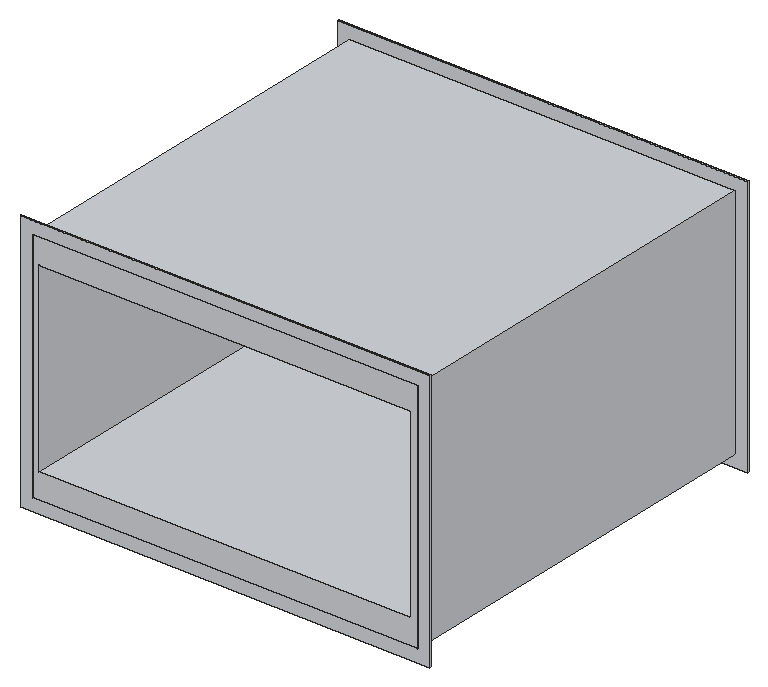
Revit family "Вентилятор канальный WD (WDN)", category Оборудование, Revit 2024
Family settings
  Размер круглого соединителя = Использовать диаметр
  Тип детали = Нормальный
  На основе рабочей плоскости = Нет
  Всегда вертикально = Нет
  При загрузке вырезать с полостями = Нет
  Сохранять ориентацию аннотаций = Нет
  Общий = Нет
  Точка принадлежности помещению = Нет
Parameters (values of type "WD 60-30/28.4D")
  Ширина_Е = 620 mm
  Отметка по умолчанию = 0 mm
  Изготовитель = "WAER"  # constant formula
  Keynote = ""
  Высота_К = 381 mm
  URL = "https://waer-air.com/"
  ADSK_Ток = 3.2 A
  ADSK_Система_Имя [instance] = ""
  ADSK_Расход воздуха = 0.0 m³/h
  ADSK_Размер_Ширина = 600 mm
  ADSK_Размер_Длина = 642 mm
  ADSK_Размер_Высота = 300 mm
  ADSK_Потеря давления воздуха = 0.0 Pa
  ADSK_Полная мощность = ADSK_Напряжение * ADSK_Ток  # 1216 VA
  ADSK_Номинальная мощность = 1.7 W
  ADSK_Напряжение = 380 V
  ADSK_Наименование краткое = "WD 60-30/28.4D"
  ADSK_Наименование = "Венилятор канальный WD 60-30/28.4D"
  ADSK_Масса_Текст = "38.1"
  ADSK_Масса = 38.1
  ADSK_Марка = ""
  ADSK_Количество фаз = 3
  ADSK_Количество = 1  # constant formula
  ADSK_Код изделия = ""
  ADSK_Классификация нагрузок = ОВК
  ADSK_Завод-изготовитель = "WAER"  # constant formula
  ADSK_Единица измерения = "шт."  # constant formula
Types (19, lengths in mm): name | Ширина_Е | Высота_К | ADSK_Ток | ADSK_Размер_Ширина | ADSK_Размер_Длина | ADSK_Размер_Высота | ADSK_Полная мощность | ADSK_Номинальная мощность | ADSK_Напряжение | ADSK_Наименование краткое | ADSK_Наименование | ADSK_Масса_Текст | ADSK_Масса | ADSK_Количество фаз
  WD 40-20/20.4E | 420 | 281 | 1.52 A | 400 | 500 | 200 | 334.4 VA | 0.33 W | 220 V | "WD 40-20/20.4E" | "Венилятор канальный WD 40-20/20.4E" | "14.4" | 14.4 | 1
  WD 40-20/20.4D | 420 | 281 | 0.58 A | 400 | 500 | 200 | 220.4 VA | 0.3 W | 380 V | "WD 40-20/20.4D" | "Венилятор канальный WD 40-20/20.4D" | "15.3" | 15.3 | 3
  WD 50-25/22.4E | 520 | 331 | 2.15 A | 500 | 530 | 250 | 473 VA | 0.47 W | 220 V | "WD 50-25/22.4E" | "Венилятор канальный WD 50-25/22.4E" | "20.3" | 20.3 | 1
  WD 50-25/22.4D | 520 | 331 | 0.9 A | 500 | 530 | 250 | 342 VA | 0.47 W | 380 V | "WD 50-25/22.4D" | "Венилятор канальный WD 50-25/22.4D" | "19.5" | 19.5 | 3
  WD 50-25/22.6D | 520 | 331 | 0.81 A | 500 | 530 | 250 | 307.8 VA | 0.3 W | 380 V | "WD 50-25/22.6D" | "Венилятор канальный WD 50-25/22.6D" | "18.7" | 18.7 | 3
  WD 50-30/25.4E | 520 | 381 | 4.1 A | 500 | 565 | 300 | 902 VA | 0.9 W | 220 V | "WD 50-30/25.4E" | "Венилятор канальный WD 50-30/25.4E" | "25.8" | 25.8 | 1
  WD 50-30/25.4D | 520 | 381 | 1.72 A | 500 | 565 | 300 | 653.6 VA | 0.87 W | 380 V | "WD 50-30/25.4D" | "Венилятор канальный WD 50-30/25.4D" | "24.9" | 24.9 | 3
  WD 50-30/25.6D | 520 | 381 | 0.81 A | 500 | 565 | 300 | 307.8 VA | 0.32 W | 380 V | "WD 50-30/25.6D" | "Венилятор канальный WD 50-30/25.6D" | "51.9" | 51.9 | 3
  WD 60-30/28.4E | 620 | 381 | 7.3 A | 600 | 642 | 300 | 1606 VA | 1.6 W | 220 V | "WD 60-30/28.4E" | "Венилятор канальный WD 60-30/28.4E" | "38.5" | 38.5 | 1
  WD 60-30/28.4D | 620 | 381 | 3.2 A | 600 | 642 | 300 | 1216 VA | 1.7 W | 380 V | "WD 60-30/28.4D" | "Венилятор канальный WD 60-30/28.4D" | "38.1" | 38.1 | 3
  WD 60-35/31.4D | 620 | 431 | 4 A | 600 | 720 | 350 | 1520 VA | 2.2 W | 380 V | "WD 60-35/31.4D" | "Венилятор канальный WD 60-35/31.4D" | "46.5" | 46.5 | 3
  WD 60-35/31.6D | 620 | 431 | 0.5 A | 600 | 720 | 350 | 190 VA | 0.78 W | 380 V | "WD 60-35/31.6D" | "Венилятор канальный WD 60-35/31.6D" | "40.3" | 40.3 | 3
  WD 70-40/35.4D | 720 | 481 | 5.9 A | 700 | 780 | 400 | 2242 VA | 3.5 W | 380 V | "WD 70-40/35.4D" | "Венилятор канальный WD 70-40/35.4D" | "64.1" | 64.1 | 3
  WD 70-40/35.6D | 720 | 481 | 2.3 A | 700 | 780 | 400 | 874 VA | 1.15 W | 380 V | "WD 70-40/35.6D" | "Венилятор канальный WD 70-40/35.6D" | "50.6" | 50.6 | 3
  WD 80-50/40.4D | 820 | 581 | 8 A | 800 | 885 | 500 | 3040 VA | 4.8 W | 380 V | "WD 80-50/40.4D" | "Венилятор канальный WD 80-50/40.4D" | "81.3" | 81.3 | 3
  WD 80-50/40.6D | 820 | 581 | 4.85 A | 800 | 885 | 500 | 1843 VA | 2.8 W | 380 V | "WD 80-50/40.6D" | "Венилятор канальный WD 80-50/40.6D" | "78.9" | 78.9 | 3
  WD 90-50/45.6D | 930 | 591 | 6 A | 900 | 985 | 500 | 2280 VA | 3.5 W | 380 V | "WD 90-50/45.6D" | "Венилятор канальный WD 90-50/45.6D" | "97" | 97 | 3
  WDN 100-50/56.4D | 1030 | 591 | 3.6 A | 1000 | 1210 | 500 | 1368 VA | 2 W | 380 V | "WDN 100-50/56.4D" | "Венилятор канальный WDN 100-50/56.4D" | "139" | 139 | 3
  WDN 100-50/63.4D | 1030 | 591 | 6.8 A | 1000 | 1210 | 500 | 2584 VA | 4.3 W | 380 V | "WDN 100-50/63.4D" | "Венилятор канальный WDN 100-50/63.4D" | "145.5" | 145.5 | 3
Reference planes
  plane 1 "По центру (Вперед/Назад)": y = 0
  plane 2: z = 0
  plane 3 "По центру (Влево/Вправо)": x = 0
  plane 4: x = -300
  plane 5: x = 300
  plane 6: z = -150
  plane 7: z = 150
  plane 8: y = -321
  plane 9: y = 321
  plane 10: x = -310
  plane 11: x = 310
  plane 12: z = -190.5
  plane 13: z = 190.5
  plane 14: z = 195.5
Forms (mm)
  Extrusion 1, solid
    sketch origin (0, 0, 0) x (1, 0, 0) y (0, 0, 1)
      loop
        line (-310, 190.5) -> (-310, -190.5) -> (310, -190.5) -> (310, 190.5) -> (-310, 190.5)
      loop
        line (-300, 150) -> (-300, -150) -> (300, -150) -> (300, 150) -> (-300, 150)
    from -321 to 321
  Sweep 2, solid
    path in 3D
      loop
        line (-310, -321, 190.5) -> (-310, -321, -190.5) -> (310, -321, -190.5) -> (310, -321, 190.5) -> (-310, -321, 190.5)
    profile origin (0, -321, 190.5) x (0, -1, 0) y (0, 0, 1)
      loop
        line (0, 0) -> (0, 20) -> (-2, 20) -> (-2, 0) -> (0, 0)
  Sweep 3, solid
    path in 3D
      loop
        line (310, 321, 190.5) -> (310, 321, -190.5) -> (-310, 321, -190.5) -> (-310, 321, 190.5) -> (310, 321, 190.5)
    profile origin (0, 321, 190.5) x (0, 1, 0) y (0, 0, 1)
      loop
        line (0, 0) -> (0, 20) -> (-2, 20) -> (-2, 0) -> (0, 0)
Lines and regions (mm)
  sketch lines
    curve 1: line (310, -321, 190.5) -> (-310, -321, 190.5)
    curve 2: line (-310, -321, 190.5) -> (-310, -321, -190.5)
    curve 3: line (-310, -321, -190.5) -> (310, -321, -190.5)
    curve 4: line (310, -321, -190.5) -> (310, -321, 190.5)
    curve 5: line (-310, 321, 190.5) -> (310, 321, 190.5)
    curve 6: line (310, 321, 190.5) -> (310, 321, -190.5)
    curve 7: line (310, 321, -190.5) -> (-310, 321, -190.5)
    curve 8: line (-310, 321, -190.5) -> (-310, 321, 190.5)
Dimensions and locks
  equal spacing: plane 5, plane 3 "По центру (Влево/Вправо)", plane 4
  "ADSK_Размер_Ширина": plane 5 to plane 4
  equal spacing: plane 7, plane 2, plane 6
  "ADSK_Размер_Высота": plane 7 to plane 6
  equal spacing: plane 9, plane 1 "По центру (Вперед/Назад)", plane 8
  "ADSK_Размер_Длина": plane 9 to plane 8
  plane 8 to plane 9 = 642 mm
  equal spacing: plane 13, plane 2, plane 12
  "Высота_К": plane 13 to plane 12
  equal spacing: plane 11, plane 3 "По центру (Влево/Вправо)", plane 10
  "Ширина_Е": plane 11 to plane 10
  locked: plane 14 to plane 13 at 5
  aligned and locked: level to plane 2
  aligned and locked: plane 9 to Extrusion 1
  aligned and locked: Extrusion 1 to plane 8
  aligned and locked: Extrusion 1 sketch curve to plane 7
  aligned and locked: plane 6 to Extrusion 1 sketch curve
  aligned and locked: Extrusion 1 sketch curve to plane 5
  aligned and locked: plane 4 to Extrusion 1 sketch curve
  aligned and locked: plane 10 to Extrusion 1 sketch curve
  aligned and locked: Extrusion 1 sketch curve to plane 13
  aligned and locked: plane 12 to Extrusion 1 sketch curve
  aligned and locked: Extrusion 1 sketch curve to plane 11
Automatic sketch dimensions
  Sweep 2 sketch curve to profile plane = 0 mm  (x2)
  profile plane to Sweep 2 sketch curve = 2 mm
  profile plane to Sweep 2 sketch curve = 20 mm
  Sweep 3 sketch curve to profile plane = 0 mm  (x2)
  profile plane to Sweep 3 sketch curve = 2 mm
  profile plane to Sweep 3 sketch curve = 20 mm
Connectors
  hvac at (0, -321, 0), driven by "ADSK_Размер_Высота", driven by "ADSK_Размер_Ширина"
    settings: on Extrusion 1, index 1, duct flow 0.0 m³/h, flow factor 0, pres drop 0.0 Pa, loss coef 0, conn angle 0.00°, conn width 600 mm, conn height 300 mm, conn diameter 609.6 mm, duct sys type 29, conn prof type 1, flow config 2, flow direction 1, loss method 0, conn ref index 2, conn util no, is conn primary no, conn desc ""
  hvac at (0, 321, 0), driven by "ADSK_Размер_Высота", driven by "ADSK_Размер_Ширина"
    settings: on Extrusion 1, index 2, duct flow 0.0 m³/h, flow factor 0, pres drop 0.0 Pa, loss coef 0, conn angle 0.00°, conn width 600 mm, conn height 300 mm, conn diameter 609.6 mm, duct sys type 29, conn prof type 1, flow config 2, flow direction 2, loss method 0, conn ref index 1, conn util no, is conn primary yes, conn desc ""
  electrical at (0, 0, 190.5)
    settings: on Extrusion 1, index 3, voltage 0 V, apparent load 0 VA, apparent load phase1 0 VA, apparent load phase2 0 VA, apparent load phase3 0 VA, power factor 1, load classification "Прочее", number of poles 1, system type 14, power factor state 1, is connector primary yes, connector utility no, sub classification motor no, connector description ""
